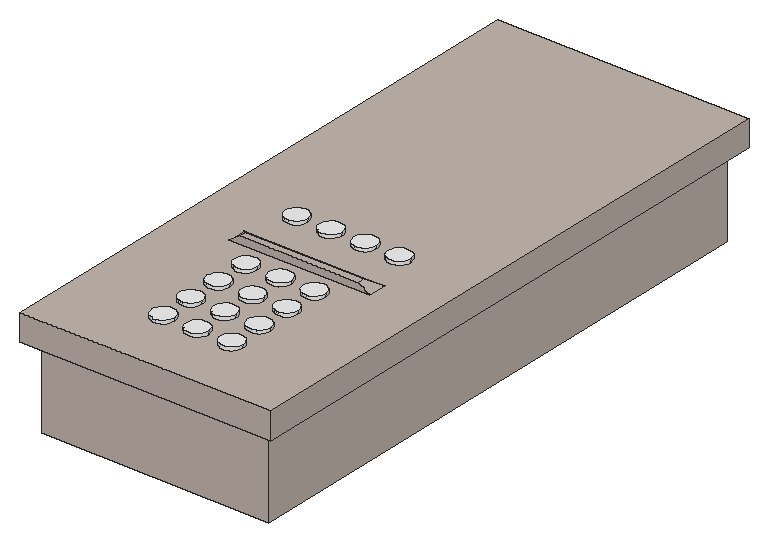
Revit family "AIPhone_GTA-DES", category Data Devices, host Face, Revit 2026
Family settings
  Host = Face
  Round Connector Dimension = Use Diameter
  Part Type = Normal
  Classification Number = 23.85.50.17
  Cut with Voids When Loaded = No
  Maintain Annotation Orientation = Yes
  Shared = No
  Room Calculation Point = No
Parameters
  Width = 5.31"
  Talk Button = Talk Button
  Specification = "https://www.arcat.com/sdspecs/htm04/28_13_53aic.htm"
  SpecWizard = ""
  Send Message = ""
  Screen = Screen
  Sales Information = ""
  Revision = "R1.0.0"
  Product Properties = ""
  Product Data = ""
  OmniClass Title = ""
  OmniClass Number = ""
  Model = "GTA-DES"
  MasterFormat04 Keynote = ""
  Manufacturer's Notes = ""
  Manufacturer Website = "www.aiphone.com"
  Manufacturer Phone - Toll Free = "800-692-0200"
  Manufacturer Phone = "425-455-0510"
  Manufacturer Fax = "425-455-0071"
  Manufacturer Email = "https://www.aiphone.com/home/sales/regional-sales"
  Manufacturer Address = "6670 185th Ave. NE, Redmond, WA 98052"
  Manufacturer = "AIPHONE"
  Installation-Fabrication = "https://www.arcat.com/cad/aiphone/282300_gta-des.pdf"
  Host Width = 24.00"
  Height = 12.63"
  Green Building-LEED = "https://www.arcat.com/green/clients/leed_data_30204.html?coid=30204"
  Drawn By = "Matt Wunch"
  Door Release Button = Door Release
  Description = "AUDIO ENTRANCE PANEL"
  Depth = 0.56"
  Default Elevation = 48.00"
  Copyright = "Arcat, Inc. ©2019"
  Construction Details = ""
  Buttons = Silver Trim
  Building Codes = ""
  Body Color = Body Color
Reference planes (in)
  plane 1 "Center (Front/Back)": y = 0
  plane 2: z = 0
  plane 3 "Center (Left/Right)": x = 0
  plane 4: x = -2.655
  plane 5: x = 2.655
  plane 6: y = -6.315
  plane 7: y = 6.315
  plane 8: z = 0.56
  plane 9: z = -1.75
  plane 10: x = -12
  plane 11: x = 12
  plane 12: y = 12
  plane 13: y = -12
Forms (in)
  Extrusion 1, solid, material "Body Color" <- "Body Color"
    sketch origin (0, 0, 0) x (1, 0, 0) y (0, 1, 0)
      loop
        line (-2.655, 6.315) -> (-2.655, -6.315) -> (2.655, -6.315) -> (2.655, 6.315) -> (-2.655, 6.315)
    from 0 to 0.56 <- "Depth"
  Extrusion 2, solid, material "Body Color" <- "Body Color"
    sketch origin (0, 0, 0) x (1, 0, 0) y (0, 1, 0)
      loop
        line (-2.405, 6.065) -> (-2.405, -6.065) -> (2.405, -6.065) -> (2.405, 6.065) -> (-2.405, 6.065)
    from -1.75 to 0
  Extrusion 3, solid, material "Silver Trim" <- "Buttons"
    sketch origin (0, 0, 0) x (1, 0, 0) y (0, 1, 0)
      loop
        circle (-1.08807, -0.96063) r 0.23529
      loop
        circle (-0.3627, -0.96063) r 0.23529
      loop
        circle (0.36254, -0.96063) r 0.23529
      loop
        circle (1.08791, -0.96063) r 0.23529
      loop
        circle (-0.7255, -2.75386) r 0.23529
      loop
        circle (-0.00002, -2.75386) r 0.23529
      loop
        circle (0.72535, -2.75386) r 0.23529
      loop
        circle (-0.7255, -3.48386) r 0.23529
      loop
        circle (-0.00002, -3.48386) r 0.23529
      loop
        circle (0.72535, -3.48386) r 0.23529
      loop
        circle (-0.7255, -4.21386) r 0.23529
      loop
        circle (-0.00002, -4.21386) r 0.23529
      loop
        circle (0.72535, -4.21386) r 0.23529
      loop
        circle (-0.7255, -4.94386) r 0.23529
      loop
        circle (-0.00002, -4.94386) r 0.23529
      loop
        circle (0.72535, -4.94386) r 0.23529
    from 0.56 to 0.62
  Blend 4, solid, material "Body Color" <- "Body Color"
    base sketch origin (0, 0, 0) x (1, 0, 0) y (0, 1, 0)
      loop
        line (-1.49017, -1.84848) -> (-1.49017, -2.2441) -> (1.49013, -2.2441) -> (1.49013, -1.84848) -> (-1.49017, -1.84848)
    top sketch origin (0, 0, 0) x (1, 0, 0) y (0, 1, 0)
      loop
        line (-1.25474, -2.10691) -> (-1.25474, -2.2441) -> (1.25448, -2.2441) -> (1.25448, -2.10691) -> (-1.25474, -2.10691)
    from 0.56 to 0.72
Lines and regions (in)
  Split face 1
    outline origin (0, 0, 0.56) x (1, 0, 0) y (0, 1, 0)
      loop
        line (-1.49017, 1.25552) -> (-1.49017, 0.11812) -> (1.49013, 0.11812) -> (1.49013, 1.25552) -> (-1.49017, 1.25552)
  Split face 2
    outline origin (0, 0, 0.56) x (1, 0, 0) y (0, 1, 0)
      loop
        line (-1.24455, 1.07213) -> (-1.24455, 0.37915) -> (1.21824, 0.37915) -> (1.21824, 1.07213) -> (-1.24455, 1.07213)
  model lines
    curve 1: line (-0.36282, -0.37194, 0.56) -> (-0.46076, -0.60762, 0.56)
    curve 2: line (-0.26489, -0.60762, 0.56) -> (-0.36282, -0.37194, 0.56)
    curve 3: line (-0.46076, -0.60762, 0.56) -> (-0.26489, -0.60762, 0.56)
    curve 4: line (0.26435, -0.37194, 0.56) -> (0.36254, -0.60762, 0.56)
    curve 5: line (0.46047, -0.37194, 0.56) -> (0.26435, -0.37194, 0.56)
    curve 6: line (0.36254, -0.60762, 0.56) -> (0.46047, -0.37194, 0.56)
    curve 7: line (0.99023, -0.55255, 0.56) -> (1.02159, -0.42439, 0.56)
    curve 8: line (0.99023, -0.55255, 0.56) -> (1.04888, -0.55255, 0.56)
    curve 9: line (1.12745, -0.55255, 0.56) -> (1.18613, -0.55255, 0.56)
    curve 10: line (1.18613, -0.55255, 0.56) -> (1.1545, -0.42439, 0.56)
    curve 11: arc (1.02159, -0.42439, 0.56) -> (1.08804, -0.37235, 0.56) -> (1.1545, -0.42439, 0.56) r 0.06845
    curve 12: arc (1.04888, -0.55255, 0.56) -> (1.08817, -0.59183, 0.56) -> (1.12745, -0.55255, 0.56) r 0.03928
    curve 13: line (-1.08793, -0.44808, 0.56) -> (-1.14366, -0.39249, 0.56)
    curve 14: line (-1.08793, -0.44808, 0.56) -> (-1.03311, -0.39235, 0.56)
    curve 15: line (-1.04663, -0.48944, 0.56) -> (-0.99127, -0.43419, 0.56)
    curve 16: line (-0.99128, -0.54517, 0.56) -> (-1.04663, -0.48944, 0.56)
    curve 17: line (-1.03309, -0.58698, 0.56) -> (-1.08793, -0.53113, 0.56)
    curve 18: line (-1.1438, -0.58697, 0.56) -> (-1.08793, -0.53113, 0.56)
    curve 19: line (-1.18549, -0.54528, 0.56) -> (-1.12979, -0.48944, 0.56)
    curve 20: line (-1.12979, -0.48944, 0.56) -> (-1.18538, -0.4342, 0.56)
    curve 21: arc (-1.18538, -0.4342, 0.56) -> (-1.18545, -0.39242, 0.56) -> (-1.14366, -0.39249, 0.56) r 0.0295
    curve 22: arc (-1.03311, -0.39235, 0.56) -> (-0.9911, -0.39218, 0.56) -> (-0.99127, -0.43419, 0.56) r 0.02959
    curve 23: arc (-0.99128, -0.54517, 0.56) -> (-0.99135, -0.58691, 0.56) -> (-1.03309, -0.58698, 0.56) r 0.02956
    curve 24: arc (-1.1438, -0.58697, 0.56) -> (-1.18548, -0.58696, 0.56) -> (-1.18549, -0.54528, 0.56) r 0.02948
    curve 25: line (-0.07819, 5.09906, 0.56) -> (0.08072, 5.09906, 0.56)
    curve 26: line (-0.07819, 4.94004, 0.56) -> (-0.07819, 5.09906, 0.56)
    curve 27: line (0.08072, 4.94004, 0.56) -> (-0.07819, 4.94004, 0.56)
    curve 28: line (0.08072, 5.09906, 0.56) -> (0.08072, 4.94004, 0.56)
    curve 29: line (-0.33819, 5.09906, 0.56) -> (-0.17928, 5.09906, 0.56)
    curve 30: line (-0.33819, 4.94004, 0.56) -> (-0.33819, 5.09906, 0.56)
    curve 31: line (-0.17928, 4.94004, 0.56) -> (-0.33819, 4.94004, 0.56)
    curve 32: line (-0.17928, 5.09906, 0.56) -> (-0.17928, 4.94004, 0.56)
    curve 33: line (-0.59819, 5.09906, 0.56) -> (-0.43928, 5.09906, 0.56)
    curve 34: line (-0.59819, 4.94004, 0.56) -> (-0.59819, 5.09906, 0.56)
    curve 35: line (-0.43928, 4.94004, 0.56) -> (-0.59819, 4.94004, 0.56)
    curve 36: line (-0.43928, 5.09906, 0.56) -> (-0.43928, 4.94004, 0.56)
    curve 37: line (-0.85819, 5.09906, 0.56) -> (-0.69928, 5.09906, 0.56)
    curve 38: line (-0.85819, 4.94004, 0.56) -> (-0.85819, 5.09906, 0.56)
    curve 39: line (-0.69928, 4.94004, 0.56) -> (-0.85819, 4.94004, 0.56)
    curve 40: line (-0.69928, 5.09906, 0.56) -> (-0.69928, 4.94004, 0.56)
    curve 41: line (0.18181, 5.09906, 0.56) -> (0.34072, 5.09906, 0.56)
    curve 42: line (0.18181, 4.94004, 0.56) -> (0.18181, 5.09906, 0.56)
    curve 43: line (0.34072, 4.94004, 0.56) -> (0.18181, 4.94004, 0.56)
    curve 44: line (0.34072, 5.09906, 0.56) -> (0.34072, 4.94004, 0.56)
    curve 45: line (0.44181, 5.09906, 0.56) -> (0.60072, 5.09906, 0.56)
    curve 46: line (0.44181, 4.94004, 0.56) -> (0.44181, 5.09906, 0.56)
    curve 47: line (0.60072, 4.94004, 0.56) -> (0.44181, 4.94004, 0.56)
    curve 48: line (0.60072, 5.09906, 0.56) -> (0.60072, 4.94004, 0.56)
    curve 49: line (0.70181, 5.09906, 0.56) -> (0.86072, 5.09906, 0.56)
    curve 50: line (0.70181, 4.94004, 0.56) -> (0.70181, 5.09906, 0.56)
    curve 51: line (0.86072, 4.94004, 0.56) -> (0.70181, 4.94004, 0.56)
    curve 52: line (0.86072, 5.09906, 0.56) -> (0.86072, 4.94004, 0.56)
    curve 53: line (-1.079, 5.09906, 0.56) -> (-0.96219, 5.09906, 0.56)
    curve 54: line (-1.079, 4.97766, 0.56) -> (-1.079, 5.09906, 0.56)
    curve 55: line (-0.96219, 4.97766, 0.56) -> (-1.079, 4.97766, 0.56)
    curve 56: line (-0.96219, 5.09906, 0.56) -> (-0.96219, 4.97766, 0.56)
    curve 57: line (-1.33609, 5.09906, 0.56) -> (-1.21931, 5.09906, 0.56)
    curve 58: line (-1.33609, 4.97766, 0.56) -> (-1.33609, 5.09906, 0.56)
    curve 59: line (-1.21931, 4.97766, 0.56) -> (-1.33609, 4.97766, 0.56)
    curve 60: line (-1.21931, 5.09906, 0.56) -> (-1.21931, 4.97766, 0.56)
    curve 61: line (0.96472, 5.09906, 0.56) -> (1.08639, 5.09906, 0.56)
    curve 62: line (0.96472, 4.97766, 0.56) -> (0.96472, 5.09906, 0.56)
    curve 63: line (1.08639, 4.97766, 0.56) -> (0.96472, 4.97766, 0.56)
    curve 64: line (1.08639, 5.09906, 0.56) -> (1.08639, 4.97766, 0.56)
    curve 65: line (1.22205, 5.09906, 0.56) -> (1.3389, 5.09906, 0.56)
    curve 66: line (1.22205, 4.97766, 0.56) -> (1.22205, 5.09906, 0.56)
    curve 67: line (1.3389, 4.97766, 0.56) -> (1.22205, 4.97766, 0.56)
    curve 68: line (1.3389, 5.09906, 0.56) -> (1.3389, 4.97766, 0.56)
    curve 69: line (-0.07819, 4.84194, 0.56) -> (0.08072, 4.84194, 0.56)
    curve 70: line (-0.07819, 4.68292, 0.56) -> (-0.07819, 4.84194, 0.56)
    curve 71: line (0.08072, 4.68292, 0.56) -> (-0.07819, 4.68292, 0.56)
    curve 72: line (0.08072, 4.84194, 0.56) -> (0.08072, 4.68292, 0.56)
    curve 73: line (-0.33819, 4.84194, 0.56) -> (-0.17928, 4.84194, 0.56)
    curve 74: line (-0.33819, 4.68292, 0.56) -> (-0.33819, 4.84194, 0.56)
    curve 75: line (-0.17928, 4.68292, 0.56) -> (-0.33819, 4.68292, 0.56)
    curve 76: line (-0.17928, 4.84194, 0.56) -> (-0.17928, 4.68292, 0.56)
    curve 77: line (-0.59819, 4.84194, 0.56) -> (-0.43928, 4.84194, 0.56)
    curve 78: line (-0.59819, 4.68292, 0.56) -> (-0.59819, 4.84194, 0.56)
    curve 79: line (-0.43928, 4.68292, 0.56) -> (-0.59819, 4.68292, 0.56)
    curve 80: line (-0.43928, 4.84194, 0.56) -> (-0.43928, 4.68292, 0.56)
    curve 81: line (-0.85819, 4.84194, 0.56) -> (-0.69928, 4.84194, 0.56)
    curve 82: line (-0.85819, 4.68292, 0.56) -> (-0.85819, 4.84194, 0.56)
    curve 83: line (-0.69928, 4.68292, 0.56) -> (-0.85819, 4.68292, 0.56)
    curve 84: line (-0.69928, 4.84194, 0.56) -> (-0.69928, 4.68292, 0.56)
    curve 85: line (0.18181, 4.84194, 0.56) -> (0.34072, 4.84194, 0.56)
    curve 86: line (0.18181, 4.68292, 0.56) -> (0.18181, 4.84194, 0.56)
    curve 87: line (0.34072, 4.68292, 0.56) -> (0.18181, 4.68292, 0.56)
    curve 88: line (0.34072, 4.84194, 0.56) -> (0.34072, 4.68292, 0.56)
    curve 89: line (0.44181, 4.84194, 0.56) -> (0.60072, 4.84194, 0.56)
    curve 90: line (0.44181, 4.68292, 0.56) -> (0.44181, 4.84194, 0.56)
    curve 91: line (0.60072, 4.68292, 0.56) -> (0.44181, 4.68292, 0.56)
    curve 92: line (0.60072, 4.84194, 0.56) -> (0.60072, 4.68292, 0.56)
    curve 93: line (0.70181, 4.84194, 0.56) -> (0.86072, 4.84194, 0.56)
    curve 94: line (0.70181, 4.68292, 0.56) -> (0.70181, 4.84194, 0.56)
    curve 95: line (0.86072, 4.68292, 0.56) -> (0.70181, 4.68292, 0.56)
    curve 96: line (0.86072, 4.84194, 0.56) -> (0.86072, 4.68292, 0.56)
    curve 97: line (-1.079, 4.84194, 0.56) -> (-0.96219, 4.84194, 0.56)
    curve 98: line (-1.079, 4.72053, 0.56) -> (-1.079, 4.84194, 0.56)
    curve 99: line (-0.96219, 4.72053, 0.56) -> (-1.079, 4.72053, 0.56)
    curve 100: line (-0.96219, 4.84194, 0.56) -> (-0.96219, 4.72053, 0.56)
    curve 101: line (-1.33609, 4.84194, 0.56) -> (-1.21931, 4.84194, 0.56)
    curve 102: line (-1.33609, 4.72053, 0.56) -> (-1.33609, 4.84194, 0.56)
    curve 103: line (-1.21931, 4.72053, 0.56) -> (-1.33609, 4.72053, 0.56)
    curve 104: line (-1.21931, 4.84194, 0.56) -> (-1.21931, 4.72053, 0.56)
    curve 105: line (0.96472, 4.84194, 0.56) -> (1.08639, 4.84194, 0.56)
    curve 106: line (0.96472, 4.72053, 0.56) -> (0.96472, 4.84194, 0.56)
    curve 107: line (1.08639, 4.72053, 0.56) -> (0.96472, 4.72053, 0.56)
    curve 108: line (1.08639, 4.84194, 0.56) -> (1.08639, 4.72053, 0.56)
    curve 109: line (1.22205, 4.84194, 0.56) -> (1.3389, 4.84194, 0.56)
    curve 110: line (1.22205, 4.72053, 0.56) -> (1.22205, 4.84194, 0.56)
    curve 111: line (1.3389, 4.72053, 0.56) -> (1.22205, 4.72053, 0.56)
    curve 112: line (1.3389, 4.84194, 0.56) -> (1.3389, 4.72053, 0.56)
    curve 113: line (-0.07819, 4.58194, 0.56) -> (0.08072, 4.58194, 0.56)
    curve 114: line (-0.07819, 4.42292, 0.56) -> (-0.07819, 4.58194, 0.56)
    curve 115: line (0.08072, 4.42292, 0.56) -> (-0.07819, 4.42292, 0.56)
    curve 116: line (0.08072, 4.58194, 0.56) -> (0.08072, 4.42292, 0.56)
    curve 117: line (-0.33819, 4.58194, 0.56) -> (-0.17928, 4.58194, 0.56)
    curve 118: line (-0.33819, 4.42292, 0.56) -> (-0.33819, 4.58194, 0.56)
    curve 119: line (-0.17928, 4.42292, 0.56) -> (-0.33819, 4.42292, 0.56)
    curve 120: line (-0.17928, 4.58194, 0.56) -> (-0.17928, 4.42292, 0.56)
    curve 121: line (-0.59819, 4.58194, 0.56) -> (-0.43928, 4.58194, 0.56)
    curve 122: line (-0.59819, 4.42292, 0.56) -> (-0.59819, 4.58194, 0.56)
    curve 123: line (-0.43928, 4.42292, 0.56) -> (-0.59819, 4.42292, 0.56)
    curve 124: line (-0.43928, 4.58194, 0.56) -> (-0.43928, 4.42292, 0.56)
    curve 125: line (-0.85819, 4.58194, 0.56) -> (-0.69928, 4.58194, 0.56)
    curve 126: line (-0.85819, 4.42292, 0.56) -> (-0.85819, 4.58194, 0.56)
    curve 127: line (-0.69928, 4.42292, 0.56) -> (-0.85819, 4.42292, 0.56)
    curve 128: line (-0.69928, 4.58194, 0.56) -> (-0.69928, 4.42292, 0.56)
    curve 129: line (0.18181, 4.58194, 0.56) -> (0.34072, 4.58194, 0.56)
    curve 130: line (0.18181, 4.42292, 0.56) -> (0.18181, 4.58194, 0.56)
    curve 131: line (0.34072, 4.42292, 0.56) -> (0.18181, 4.42292, 0.56)
    curve 132: line (0.34072, 4.58194, 0.56) -> (0.34072, 4.42292, 0.56)
    curve 133: line (0.44181, 4.58194, 0.56) -> (0.60072, 4.58194, 0.56)
    curve 134: line (0.44181, 4.42292, 0.56) -> (0.44181, 4.58194, 0.56)
    curve 135: line (0.60072, 4.42292, 0.56) -> (0.44181, 4.42292, 0.56)
    curve 136: line (0.60072, 4.58194, 0.56) -> (0.60072, 4.42292, 0.56)
    curve 137: line (0.70181, 4.58194, 0.56) -> (0.86072, 4.58194, 0.56)
    curve 138: line (0.70181, 4.42292, 0.56) -> (0.70181, 4.58194, 0.56)
    curve 139: line (0.86072, 4.42292, 0.56) -> (0.70181, 4.42292, 0.56)
    curve 140: line (0.86072, 4.58194, 0.56) -> (0.86072, 4.42292, 0.56)
    curve 141: line (-1.079, 4.58194, 0.56) -> (-0.96219, 4.58194, 0.56)
    curve 142: line (-1.079, 4.46053, 0.56) -> (-1.079, 4.58194, 0.56)
    curve 143: line (-0.96219, 4.46053, 0.56) -> (-1.079, 4.46053, 0.56)
    curve 144: line (-0.96219, 4.58194, 0.56) -> (-0.96219, 4.46053, 0.56)
    curve 145: line (-1.33609, 4.58194, 0.56) -> (-1.21931, 4.58194, 0.56)
    curve 146: line (-1.33609, 4.46053, 0.56) -> (-1.33609, 4.58194, 0.56)
    curve 147: line (-1.21931, 4.46053, 0.56) -> (-1.33609, 4.46053, 0.56)
    curve 148: line (-1.21931, 4.58194, 0.56) -> (-1.21931, 4.46053, 0.56)
    curve 149: line (0.96472, 4.58194, 0.56) -> (1.08639, 4.58194, 0.56)
    curve 150: line (0.96472, 4.46053, 0.56) -> (0.96472, 4.58194, 0.56)
    curve 151: line (1.08639, 4.46053, 0.56) -> (0.96472, 4.46053, 0.56)
    curve 152: line (1.08639, 4.58194, 0.56) -> (1.08639, 4.46053, 0.56)
    curve 153: line (1.22205, 4.58194, 0.56) -> (1.3389, 4.58194, 0.56)
    curve 154: line (1.22205, 4.46053, 0.56) -> (1.22205, 4.58194, 0.56)
    curve 155: line (1.3389, 4.46053, 0.56) -> (1.22205, 4.46053, 0.56)
    curve 156: line (1.3389, 4.58194, 0.56) -> (1.3389, 4.46053, 0.56)
    curve 157: line (-0.07819, 4.32194, 0.56) -> (0.08072, 4.32194, 0.56)
    curve 158: line (-0.07819, 4.16292, 0.56) -> (-0.07819, 4.32194, 0.56)
    curve 159: line (0.08072, 4.16292, 0.56) -> (-0.07819, 4.16292, 0.56)
    curve 160: line (0.08072, 4.32194, 0.56) -> (0.08072, 4.16292, 0.56)
    curve 161: line (-0.33819, 4.32194, 0.56) -> (-0.17928, 4.32194, 0.56)
    curve 162: line (-0.33819, 4.16292, 0.56) -> (-0.33819, 4.32194, 0.56)
    curve 163: line (-0.17928, 4.16292, 0.56) -> (-0.33819, 4.16292, 0.56)
    curve 164: line (-0.17928, 4.32194, 0.56) -> (-0.17928, 4.16292, 0.56)
    curve 165: line (-0.59819, 4.32194, 0.56) -> (-0.43928, 4.32194, 0.56)
    curve 166: line (-0.59819, 4.16292, 0.56) -> (-0.59819, 4.32194, 0.56)
    curve 167: line (-0.43928, 4.16292, 0.56) -> (-0.59819, 4.16292, 0.56)
    curve 168: line (-0.43928, 4.32194, 0.56) -> (-0.43928, 4.16292, 0.56)
    curve 169: line (-0.85819, 4.32194, 0.56) -> (-0.69928, 4.32194, 0.56)
    curve 170: line (-0.85819, 4.16292, 0.56) -> (-0.85819, 4.32194, 0.56)
    curve 171: line (-0.69928, 4.16292, 0.56) -> (-0.85819, 4.16292, 0.56)
    curve 172: line (-0.69928, 4.32194, 0.56) -> (-0.69928, 4.16292, 0.56)
    curve 173: line (0.18181, 4.32194, 0.56) -> (0.34072, 4.32194, 0.56)
    curve 174: line (0.18181, 4.16292, 0.56) -> (0.18181, 4.32194, 0.56)
    curve 175: line (0.34072, 4.16292, 0.56) -> (0.18181, 4.16292, 0.56)
    curve 176: line (0.34072, 4.32194, 0.56) -> (0.34072, 4.16292, 0.56)
    curve 177: line (0.44181, 4.32194, 0.56) -> (0.60072, 4.32194, 0.56)
    curve 178: line (0.44181, 4.16292, 0.56) -> (0.44181, 4.32194, 0.56)
    curve 179: line (0.60072, 4.16292, 0.56) -> (0.44181, 4.16292, 0.56)
    curve 180: line (0.60072, 4.32194, 0.56) -> (0.60072, 4.16292, 0.56)
    curve 181: line (0.70181, 4.32194, 0.56) -> (0.86072, 4.32194, 0.56)
    curve 182: line (0.70181, 4.16292, 0.56) -> (0.70181, 4.32194, 0.56)
    curve 183: line (0.86072, 4.16292, 0.56) -> (0.70181, 4.16292, 0.56)
    curve 184: line (0.86072, 4.32194, 0.56) -> (0.86072, 4.16292, 0.56)
    curve 185: line (-1.079, 4.32194, 0.56) -> (-0.96219, 4.32194, 0.56)
    curve 186: line (-1.079, 4.20053, 0.56) -> (-1.079, 4.32194, 0.56)
    curve 187: line (-0.96219, 4.20053, 0.56) -> (-1.079, 4.20053, 0.56)
    curve 188: line (-0.96219, 4.32194, 0.56) -> (-0.96219, 4.20053, 0.56)
    curve 189: line (-1.33609, 4.32194, 0.56) -> (-1.21931, 4.32194, 0.56)
    curve 190: line (-1.33609, 4.20053, 0.56) -> (-1.33609, 4.32194, 0.56)
    curve 191: line (-1.21931, 4.20053, 0.56) -> (-1.33609, 4.20053, 0.56)
    curve 192: line (-1.21931, 4.32194, 0.56) -> (-1.21931, 4.20053, 0.56)
    curve 193: line (0.96472, 4.32194, 0.56) -> (1.08639, 4.32194, 0.56)
    curve 194: line (0.96472, 4.20053, 0.56) -> (0.96472, 4.32194, 0.56)
    curve 195: line (1.08639, 4.20053, 0.56) -> (0.96472, 4.20053, 0.56)
    curve 196: line (1.08639, 4.32194, 0.56) -> (1.08639, 4.20053, 0.56)
    curve 197: line (1.22205, 4.32194, 0.56) -> (1.3389, 4.32194, 0.56)
    curve 198: line (1.22205, 4.20053, 0.56) -> (1.22205, 4.32194, 0.56)
    curve 199: line (1.3389, 4.20053, 0.56) -> (1.22205, 4.20053, 0.56)
    curve 200: line (1.3389, 4.32194, 0.56) -> (1.3389, 4.20053, 0.56)
    curve 201: line (-0.07819, 4.06194, 0.56) -> (0.08072, 4.06194, 0.56)
    curve 202: line (-0.07819, 3.90292, 0.56) -> (-0.07819, 4.06194, 0.56)
    curve 203: line (0.08072, 3.90292, 0.56) -> (-0.07819, 3.90292, 0.56)
    curve 204: line (0.08072, 4.06194, 0.56) -> (0.08072, 3.90292, 0.56)
    curve 205: line (-0.33819, 4.06194, 0.56) -> (-0.17928, 4.06194, 0.56)
    curve 206: line (-0.33819, 3.90292, 0.56) -> (-0.33819, 4.06194, 0.56)
    curve 207: line (-0.17928, 3.90292, 0.56) -> (-0.33819, 3.90292, 0.56)
    curve 208: line (-0.17928, 4.06194, 0.56) -> (-0.17928, 3.90292, 0.56)
    curve 209: line (-0.59819, 4.06194, 0.56) -> (-0.43928, 4.06194, 0.56)
    curve 210: line (-0.59819, 3.90292, 0.56) -> (-0.59819, 4.06194, 0.56)
    curve 211: line (-0.43928, 3.90292, 0.56) -> (-0.59819, 3.90292, 0.56)
    curve 212: line (-0.43928, 4.06194, 0.56) -> (-0.43928, 3.90292, 0.56)
    curve 213: line (-0.85819, 4.06194, 0.56) -> (-0.69928, 4.06194, 0.56)
    curve 214: line (-0.85819, 3.90292, 0.56) -> (-0.85819, 4.06194, 0.56)
    curve 215: line (-0.69928, 3.90292, 0.56) -> (-0.85819, 3.90292, 0.56)
    curve 216: line (-0.69928, 4.06194, 0.56) -> (-0.69928, 3.90292, 0.56)
    curve 217: line (0.18181, 4.06194, 0.56) -> (0.34072, 4.06194, 0.56)
    curve 218: line (0.18181, 3.90292, 0.56) -> (0.18181, 4.06194, 0.56)
    curve 219: line (0.34072, 3.90292, 0.56) -> (0.18181, 3.90292, 0.56)
    curve 220: line (0.34072, 4.06194, 0.56) -> (0.34072, 3.90292, 0.56)
    curve 221: line (0.44181, 4.06194, 0.56) -> (0.60072, 4.06194, 0.56)
    curve 222: line (0.44181, 3.90292, 0.56) -> (0.44181, 4.06194, 0.56)
    curve 223: line (0.60072, 3.90292, 0.56) -> (0.44181, 3.90292, 0.56)
    curve 224: line (0.60072, 4.06194, 0.56) -> (0.60072, 3.90292, 0.56)
    curve 225: line (0.70181, 4.06194, 0.56) -> (0.86072, 4.06194, 0.56)
    curve 226: line (0.70181, 3.90292, 0.56) -> (0.70181, 4.06194, 0.56)
    curve 227: line (0.86072, 3.90292, 0.56) -> (0.70181, 3.90292, 0.56)
    curve 228: line (0.86072, 4.06194, 0.56) -> (0.86072, 3.90292, 0.56)
    curve 229: line (-1.079, 4.06194, 0.56) -> (-0.96219, 4.06194, 0.56)
    curve 230: line (-1.079, 3.94053, 0.56) -> (-1.079, 4.06194, 0.56)
    curve 231: line (-0.96219, 3.94053, 0.56) -> (-1.079, 3.94053, 0.56)
    curve 232: line (-0.96219, 4.06194, 0.56) -> (-0.96219, 3.94053, 0.56)
    curve 233: line (-1.33609, 4.06194, 0.56) -> (-1.21931, 4.06194, 0.56)
    curve 234: line (-1.33609, 3.94053, 0.56) -> (-1.33609, 4.06194, 0.56)
    curve 235: line (-1.21931, 3.94053, 0.56) -> (-1.33609, 3.94053, 0.56)
    curve 236: line (-1.21931, 4.06194, 0.56) -> (-1.21931, 3.94053, 0.56)
    curve 237: line (0.96472, 4.06194, 0.56) -> (1.08639, 4.06194, 0.56)
    curve 238: line (0.96472, 3.94053, 0.56) -> (0.96472, 4.06194, 0.56)
    curve 239: line (1.08639, 3.94053, 0.56) -> (0.96472, 3.94053, 0.56)
    curve 240: line (1.08639, 4.06194, 0.56) -> (1.08639, 3.94053, 0.56)
    curve 241: line (1.22205, 4.06194, 0.56) -> (1.3389, 4.06194, 0.56)
    curve 242: line (1.22205, 3.94053, 0.56) -> (1.22205, 4.06194, 0.56)
    curve 243: line (1.3389, 3.94053, 0.56) -> (1.22205, 3.94053, 0.56)
    curve 244: line (1.3389, 4.06194, 0.56) -> (1.3389, 3.94053, 0.56)
    curve 245: line (-0.07819, 3.80194, 0.56) -> (0.08072, 3.80194, 0.56)
    curve 246: line (-0.07819, 3.64292, 0.56) -> (-0.07819, 3.80194, 0.56)
    curve 247: line (0.08072, 3.64292, 0.56) -> (-0.07819, 3.64292, 0.56)
    curve 248: line (0.08072, 3.80194, 0.56) -> (0.08072, 3.64292, 0.56)
    curve 249: line (-0.33819, 3.80194, 0.56) -> (-0.17928, 3.80194, 0.56)
    curve 250: line (-0.33819, 3.64292, 0.56) -> (-0.33819, 3.80194, 0.56)
    curve 251: line (-0.17928, 3.64292, 0.56) -> (-0.33819, 3.64292, 0.56)
    curve 252: line (-0.17928, 3.80194, 0.56) -> (-0.17928, 3.64292, 0.56)
    curve 253: line (-0.59819, 3.80194, 0.56) -> (-0.43928, 3.80194, 0.56)
    curve 254: line (-0.59819, 3.64292, 0.56) -> (-0.59819, 3.80194, 0.56)
    curve 255: line (-0.43928, 3.64292, 0.56) -> (-0.59819, 3.64292, 0.56)
    curve 256: line (-0.43928, 3.80194, 0.56) -> (-0.43928, 3.64292, 0.56)
    curve 257: line (-0.85819, 3.80194, 0.56) -> (-0.69928, 3.80194, 0.56)
    curve 258: line (-0.85819, 3.64292, 0.56) -> (-0.85819, 3.80194, 0.56)
    curve 259: line (-0.69928, 3.64292, 0.56) -> (-0.85819, 3.64292, 0.56)
    curve 260: line (-0.69928, 3.80194, 0.56) -> (-0.69928, 3.64292, 0.56)
    curve 261: line (0.18181, 3.80194, 0.56) -> (0.34072, 3.80194, 0.56)
    curve 262: line (0.18181, 3.64292, 0.56) -> (0.18181, 3.80194, 0.56)
    curve 263: line (0.34072, 3.64292, 0.56) -> (0.18181, 3.64292, 0.56)
    curve 264: line (0.34072, 3.80194, 0.56) -> (0.34072, 3.64292, 0.56)
    curve 265: line (0.44181, 3.80194, 0.56) -> (0.60072, 3.80194, 0.56)
    curve 266: line (0.44181, 3.64292, 0.56) -> (0.44181, 3.80194, 0.56)
    curve 267: line (0.60072, 3.64292, 0.56) -> (0.44181, 3.64292, 0.56)
    curve 268: line (0.60072, 3.80194, 0.56) -> (0.60072, 3.64292, 0.56)
    curve 269: line (0.70181, 3.80194, 0.56) -> (0.86072, 3.80194, 0.56)
    curve 270: line (0.70181, 3.64292, 0.56) -> (0.70181, 3.80194, 0.56)
    curve 271: line (0.86072, 3.64292, 0.56) -> (0.70181, 3.64292, 0.56)
    curve 272: line (0.86072, 3.80194, 0.56) -> (0.86072, 3.64292, 0.56)
    curve 273: line (-1.079, 3.80194, 0.56) -> (-0.96219, 3.80194, 0.56)
    curve 274: line (-1.079, 3.68053, 0.56) -> (-1.079, 3.80194, 0.56)
    curve 275: line (-0.96219, 3.68053, 0.56) -> (-1.079, 3.68053, 0.56)
    curve 276: line (-0.96219, 3.80194, 0.56) -> (-0.96219, 3.68053, 0.56)
    curve 277: line (-1.33609, 3.80194, 0.56) -> (-1.21931, 3.80194, 0.56)
    curve 278: line (-1.33609, 3.68053, 0.56) -> (-1.33609, 3.80194, 0.56)
    curve 279: line (-1.21931, 3.68053, 0.56) -> (-1.33609, 3.68053, 0.56)
    curve 280: line (-1.21931, 3.80194, 0.56) -> (-1.21931, 3.68053, 0.56)
    curve 281: line (0.96472, 3.80194, 0.56) -> (1.08639, 3.80194, 0.56)
    curve 282: line (0.96472, 3.68053, 0.56) -> (0.96472, 3.80194, 0.56)
    curve 283: line (1.08639, 3.68053, 0.56) -> (0.96472, 3.68053, 0.56)
    curve 284: line (1.08639, 3.80194, 0.56) -> (1.08639, 3.68053, 0.56)
    curve 285: line (1.22205, 3.80194, 0.56) -> (1.3389, 3.80194, 0.56)
    curve 286: line (1.22205, 3.68053, 0.56) -> (1.22205, 3.80194, 0.56)
    curve 287: line (1.3389, 3.68053, 0.56) -> (1.22205, 3.68053, 0.56)
    curve 288: line (1.3389, 3.80194, 0.56) -> (1.3389, 3.68053, 0.56)
    curve 289: line (-0.07819, 3.56057, 0.56) -> (0.08072, 3.56057, 0.56)
    curve 290: line (-0.07819, 3.40155, 0.56) -> (-0.07819, 3.56057, 0.56)
    curve 291: line (0.08072, 3.40155, 0.56) -> (-0.07819, 3.40155, 0.56)
    curve 292: line (0.08072, 3.56057, 0.56) -> (0.08072, 3.40155, 0.56)
    curve 293: line (-0.33819, 3.56057, 0.56) -> (-0.17928, 3.56057, 0.56)
    curve 294: line (-0.33819, 3.40155, 0.56) -> (-0.33819, 3.56057, 0.56)
    curve 295: line (-0.17928, 3.40155, 0.56) -> (-0.33819, 3.40155, 0.56)
    curve 296: line (-0.17928, 3.56057, 0.56) -> (-0.17928, 3.40155, 0.56)
    curve 297: line (-0.59819, 3.56057, 0.56) -> (-0.43928, 3.56057, 0.56)
    curve 298: line (-0.59819, 3.40155, 0.56) -> (-0.59819, 3.56057, 0.56)
    curve 299: line (-0.43928, 3.40155, 0.56) -> (-0.59819, 3.40155, 0.56)
    curve 300: line (-0.43928, 3.56057, 0.56) -> (-0.43928, 3.40155, 0.56)
    curve 301: line (-0.85819, 3.56057, 0.56) -> (-0.69928, 3.56057, 0.56)
    curve 302: line (-0.85819, 3.40155, 0.56) -> (-0.85819, 3.56057, 0.56)
    curve 303: line (-0.69928, 3.40155, 0.56) -> (-0.85819, 3.40155, 0.56)
    curve 304: line (-0.69928, 3.56057, 0.56) -> (-0.69928, 3.40155, 0.56)
    curve 305: line (0.18181, 3.56057, 0.56) -> (0.34072, 3.56057, 0.56)
    curve 306: line (0.18181, 3.40155, 0.56) -> (0.18181, 3.56057, 0.56)
    curve 307: line (0.34072, 3.40155, 0.56) -> (0.18181, 3.40155, 0.56)
    curve 308: line (0.34072, 3.56057, 0.56) -> (0.34072, 3.40155, 0.56)
    curve 309: line (0.44181, 3.56057, 0.56) -> (0.60072, 3.56057, 0.56)
    curve 310: line (0.44181, 3.40155, 0.56) -> (0.44181, 3.56057, 0.56)
    curve 311: line (0.60072, 3.40155, 0.56) -> (0.44181, 3.40155, 0.56)
    curve 312: line (0.60072, 3.56057, 0.56) -> (0.60072, 3.40155, 0.56)
    curve 313: line (0.70181, 3.56057, 0.56) -> (0.86072, 3.56057, 0.56)
    curve 314: line (0.70181, 3.40155, 0.56) -> (0.70181, 3.56057, 0.56)
    curve 315: line (0.86072, 3.40155, 0.56) -> (0.70181, 3.40155, 0.56)
    curve 316: line (0.86072, 3.56057, 0.56) -> (0.86072, 3.40155, 0.56)
    curve 317: line (-1.079, 3.56057, 0.56) -> (-0.96219, 3.56057, 0.56)
    curve 318: line (-1.079, 3.43916, 0.56) -> (-1.079, 3.56057, 0.56)
    curve 319: line (-0.96219, 3.43916, 0.56) -> (-1.079, 3.43916, 0.56)
    curve 320: line (-0.96219, 3.56057, 0.56) -> (-0.96219, 3.43916, 0.56)
    curve 321: line (-1.33609, 3.56057, 0.56) -> (-1.21931, 3.56057, 0.56)
    curve 322: line (-1.33609, 3.43916, 0.56) -> (-1.33609, 3.56057, 0.56)
    curve 323: line (-1.21931, 3.43916, 0.56) -> (-1.33609, 3.43916, 0.56)
    curve 324: line (-1.21931, 3.56057, 0.56) -> (-1.21931, 3.43916, 0.56)
    curve 325: line (0.96472, 3.56057, 0.56) -> (1.08639, 3.56057, 0.56)
    curve 326: line (0.96472, 3.43916, 0.56) -> (0.96472, 3.56057, 0.56)
    curve 327: line (1.08639, 3.43916, 0.56) -> (0.96472, 3.43916, 0.56)
    curve 328: line (1.08639, 3.56057, 0.56) -> (1.08639, 3.43916, 0.56)
    curve 329: line (1.22205, 3.56057, 0.56) -> (1.3389, 3.56057, 0.56)
    curve 330: line (1.22205, 3.43916, 0.56) -> (1.22205, 3.56057, 0.56)
    curve 331: line (1.3389, 3.43916, 0.56) -> (1.22205, 3.43916, 0.56)
    curve 332: line (1.3389, 3.56057, 0.56) -> (1.3389, 3.43916, 0.56)
    curve 333: circle (1.18415, 3.1136, 0) r 0.09777 normal (0, 0, 1)
    curve 334: line (1.02542, 2.54085, 0) -> (1.14248, 2.54085, 0)
    curve 335: line (1.02542, 2.42404, 0) -> (1.02542, 2.54085, 0)
    curve 336: line (1.14248, 2.42404, 0) -> (1.02542, 2.42404, 0)
    curve 337: line (1.14248, 2.54085, 0) -> (1.14248, 2.42404, 0)
    curve 338: line (1.22205, 2.54085, 0) -> (1.3389, 2.54085, 0)
    curve 339: line (1.22205, 2.42404, 0) -> (1.22205, 2.54085, 0)
    curve 340: line (1.3389, 2.42404, 0) -> (1.22205, 2.42404, 0)
    curve 341: line (1.3389, 2.54085, 0) -> (1.3389, 2.42404, 0)
Dimensions and locks (in)
  equal spacing: plane 4, plane 3 "Center (Left/Right)", plane 5
  equal spacing: plane 7, plane 1 "Center (Front/Back)", plane 6
  "Height": plane 7 to plane 6
  "Width": plane 4 to plane 5
  "Depth": plane 8 to host face
  equal spacing: plane 10, plane 3 "Center (Left/Right)", plane 11
  equal spacing: plane 12, plane 1 "Center (Front/Back)", plane 13
  "Host Width": plane 12 to plane 13
  "Host Width": plane 10 to plane 11
  host face to plane 9 = 1.75"
  aligned and locked: plane 2 to host face
  aligned and locked: level to host face
Automatic sketch dimensions
  host sketch curve to host sketch curve = 2.70841"
  host sketch curve to host sketch curve = 8.20922"
  Extrusion 1 sketch curve to plane 4 = 0.00"
  Extrusion 1 sketch curve to plane 5 = 0.00"
  Extrusion 1 sketch curve to plane 6 = 0.00"
  Extrusion 1 sketch curve to plane 7 = 0.00"
  plane 4 to Extrusion 2 sketch curve = 0.25"
  Extrusion 2 sketch curve to plane 5 = 0.25"
  plane 6 to Extrusion 2 sketch curve = 0.25"
  Extrusion 2 sketch curve to plane 7 = 0.25"
  curve 24 to Extrusion 1 = 1.49036"
  curve 24 to curve 21 = 0.00005"
  curve 24 to curve 23 = 0.15238"
  curve 21 to curve 22 = 0.15257"
  curve 11 to Extrusion 1 = 1.56696"
  curve 11 to curve 12 = 0.00012"
  curve 24 to Extrusion 1 = 5.74888"
  curve 24 to curve 23 = 0.00011"
  curve 23 to curve 12 = 0.01346"
  curve 12 to curve 11 = 0.11175"
  curve 24 to curve 21 = 0.15284"
  curve 21 to curve 22 = 0.00018"
  curve 21 to curve 21 = 0.02079"
  curve 24 to curve 24 = 0.02085"  (x2)
  curve 24 to curve 24 = 0.02084"
  curve 21 to curve 21 = 0.02092"  (x2)
  curve 21 to curve 20 = 0.05559"
  curve 19 to curve 18 = 0.04185"
  curve 20 to curve 13 = 0.04185"
  curve 13 to curve 15 = 0.04131"
  curve 14 to curve 22 = 0.02109"
  curve 23 to curve 23 = 0.02083"
  curve 23 to curve 16 = 0.02098"
  curve 22 to curve 15 = 0.02075"
  curve 23 to curve 1 = 0.53052"
  curve 1 to curve 2 = 0.09794"
  curve 1 to curve 2 = 0.19587"
  curve 2 to curve 4 = 0.52924"
  curve 4 to curve 6 = 0.09818"
  curve 4 to curve 5 = 0.19612"
  curve 7 to curve 12 = 0.09794"
  curve 11 to curve 11 = 0.06645"
  curve 12 to curve 12 = 0.03928"
  curve 9 to curve 10 = 0.05868"
  curve 17 to curve 23 = 0.02098"
  curve 6 to curve 12 = 0.05507"
  curve 3 to curve 6 = 0.00"
  curve 17 to curve 18 = 0.05585"
  curve 18 to curve 20 = 0.04169"
  curve 18 to curve 16 = 0.04169"
  curve 15 to curve 13 = 0.04136"
  curve 15 to curve 22 = 0.02109"
  curve 11 to curve 10 = 0.0164"
  curve 11 to curve 11 = 0.0164"
  curve 6 to curve 5 = 0.23568"
  curve 2 to curve 2 = 0.23568"
  curve 191 to Extrusion 1 = 1.43569"
  curve 60 to curve 191 = 0.00"
  curve 236 to curve 191 = 0.00"
  curve 104 to curve 59 = 0.00"
  curve 324 to curve 236 = 0.00"
  curve 147 to curve 192 = 0.00"
  curve 280 to curve 324 = 0.00"
  curve 146 to curve 145 = 0.11679"
  curve 59 to curve 59 = 0.11679"
  curve 190 to curve 191 = 0.11679"
  curve 103 to curve 103 = 0.11679"
  curve 233 to curve 233 = 0.11679"
  curve 278 to curve 279 = 0.11679"
  curve 322 to curve 323 = 0.11679"
  curve 147 to curve 142 = 0.14031"
  curve 187 to curve 230 = 0.00"
  curve 59 to curve 55 = 0.14031"
  curve 97 to curve 54 = 0.00"
  curve 275 to curve 317 = 0.00"
  curve 186 to curve 188 = 0.11681"
  curve 318 to curve 320 = 0.11681"
  curve 53 to curve 56 = 0.11681"
  curve 142 to curve 144 = 0.11681"
  curve 273 to curve 273 = 0.11681"
  curve 229 to curve 229 = 0.11681"
  curve 275 to curve 258 = 0.104"
  curve 319 to curve 302 = 0.104"
  curve 185 to curve 170 = 0.104"
  curve 215 to curve 258 = 0.00"
  curve 99 to curve 83 = 0.104"
  curve 214 to curve 170 = 0.00"
  curve 127 to curve 170 = 0.00"
  curve 53 to curve 37 = 0.104"
  curve 38 to curve 82 = 0.00"
  curve 126 to curve 82 = 0.00"
  curve 125 to curve 83 = 0.00"
  curve 257 to curve 215 = 0.00"
  curve 40 to curve 81 = 0.00"
  curve 128 to curve 169 = 0.00"
  curve 301 to curve 259 = 0.00"
  curve 302 to curve 303 = 0.15891"
  curve 172 to curve 213 = 0.00"
  curve 213 to curve 209 = 0.10109"
  curve 79 to curve 121 = 0.00"
  curve 253 to curve 210 = 0.00"
  curve 34 to curve 77 = 0.00"
  curve 254 to curve 297 = 0.00"
  curve 167 to curve 209 = 0.00"
  curve 166 to curve 122 = 0.00"
  curve 253 to curve 256 = 0.15891"
  curve 212 to curve 253 = 0.00"
  curve 297 to curve 256 = 0.00"
  curve 77 to curve 35 = 0.00"
  curve 124 to curve 168 = 0.00"
  curve 209 to curve 205 = 0.10109"
  curve 123 to curve 119 = 0.10109"
  curve 118 to curve 74 = 0.00"
  curve 249 to curve 207 = 0.00"
  curve 33 to curve 29 = 0.10109"
  curve 161 to curve 118 = 0.00"
  curve 162 to curve 205 = 0.00"
  curve 294 to curve 250 = 0.00"
  curve 31 to curve 73 = 0.00"
  curve 117 to curve 117 = 0.15891"
  curve 252 to curve 293 = 0.00"
  curve 207 to curve 252 = 0.00"
  curve 205 to curve 164 = 0.00"
  curve 76 to curve 117 = 0.00"
  curve 119 to curve 161 = 0.00"
  curve 163 to curve 158 = 0.10109"
  curve 113 to curve 70 = 0.00"
  curve 114 to curve 157 = 0.00"
  curve 289 to curve 246 = 0.00"
  curve 27 to curve 69 = 0.00"
  curve 29 to curve 26 = 0.10109"
  curve 203 to curve 245 = 0.00"
  curve 202 to curve 158 = 0.00"
  curve 26 to curve 28 = 0.15891"
  curve 160 to curve 201 = 0.00"
  curve 72 to curve 116 = 0.00"
  curve 248 to curve 292 = 0.00"
  curve 115 to curve 130 = 0.10109"
  curve 289 to curve 305 = 0.10109"
  curve 203 to curve 219 = 0.10109"
  curve 261 to curve 218 = 0.00"
  curve 175 to curve 217 = 0.00"
  curve 262 to curve 305 = 0.00"
  curve 174 to curve 130 = 0.00"
  curve 87 to curve 129 = 0.00"  (x2)
  curve 43 to curve 85 = 0.00"
  curve 25 to curve 42 = 0.10109"
  curve 176 to curve 132 = 0.00"
  curve 261 to curve 261 = 0.15891"
  curve 263 to curve 305 = 0.00"
  curve 88 to curve 44 = 0.00"
  curve 220 to curve 261 = 0.00"
  curve 87 to curve 90 = 0.10109"
  curve 135 to curve 178 = 0.00"
  curve 263 to curve 267 = 0.10109"
  curve 310 to curve 267 = 0.00"
  curve 47 to curve 90 = 0.00"
  curve 221 to curve 178 = 0.00"
  curve 222 to curve 265 = 0.00"
  curve 134 to curve 90 = 0.00"
  curve 133 to curve 133 = 0.15891"
  curve 310 to curve 312 = 0.15891"
  curve 224 to curve 265 = 0.00"
  curve 91 to curve 133 = 0.00"
  curve 179 to curve 224 = 0.00"
  curve 180 to curve 136 = 0.00"
  curve 48 to curve 89 = 0.00"
  curve 309 to curve 314 = 0.10109"
  curve 133 to curve 138 = 0.10109"
  curve 181 to curve 138 = 0.00"
  curve 95 to curve 138 = 0.00"
  curve 265 to curve 270 = 0.10109"
  curve 226 to curve 270 = 0.00"
  curve 50 to curve 93 = 0.00"
  curve 49 to curve 52 = 0.15891"
  curve 183 to curve 225 = 0.00"
  curve 228 to curve 269 = 0.00"
  curve 93 to curve 52 = 0.00"
  curve 95 to curve 137 = 0.00"
  curve 313 to curve 271 = 0.00"
  curve 140 to curve 181 = 0.00"
  curve 139 to curve 150 = 0.104"
  curve 227 to curve 239 = 0.104"
  curve 51 to curve 62 = 0.104"
  curve 313 to curve 325 = 0.104"
  curve 183 to curve 194 = 0.104"
  curve 93 to curve 105 = 0.104"
  curve 271 to curve 282 = 0.104"
  curve 149 to curve 149 = 0.12168"
  curve 282 to curve 284 = 0.12168"
  curve 238 to curve 240 = 0.12168"
  curve 105 to curve 105 = 0.12168"
  curve 61 to curve 64 = 0.12168"
  curve 325 to curve 284 = 0.00"
  curve 194 to curve 196 = 0.12168"
  curve 283 to curve 287 = 0.13566"
  curve 107 to curve 111 = 0.13566"
  curve 237 to curve 242 = 0.13566"
  curve 61 to curve 65 = 0.13566"
  curve 149 to curve 153 = 0.13566"
  curve 329 to curve 286 = 0.00"
  curve 195 to curve 199 = 0.13566"
  curve 285 to curve 288 = 0.11684"
  curve 110 to curve 112 = 0.11684"
  curve 242 to curve 244 = 0.11684"
  curve 65 to curve 65 = 0.11684"
  curve 153 to curve 153 = 0.11684"
  curve 198 to curve 200 = 0.11684"
  curve 330 to curve 331 = 0.11684"
  curve 311 to Extrusion 1 = 2.91345"
  curve 295 to curve 291 = 0.00"
  curve 299 to curve 294 = 0.00"
  curve 303 to curve 298 = 0.00"
  curve 311 to curve 315 = 0.00"
  curve 308 to curve 310 = 0.00"
  curve 291 to curve 307 = 0.00"
  curve 302 to curve 319 = 0.03762"
  curve 322 to curve 318 = 0.00"
  curve 315 to curve 326 = 0.03762"
  curve 327 to curve 330 = 0.00"
  curve 331 to curve 332 = 0.1214"
  curve 323 to curve 324 = 0.1214"
  curve 319 to curve 320 = 0.1214"
  curve 316 to curve 325 = 0.00"
  curve 312 to curve 313 = 0.00"
  curve 308 to curve 309 = 0.00"
  curve 289 to curve 306 = 0.00"
  curve 317 to curve 302 = 0.00"
  curve 301 to curve 298 = 0.00"
  curve 296 to curve 289 = 0.00"
  curve 297 to curve 294 = 0.00"
  curve 309 to curve 267 = 0.08235"
  curve 289 to curve 247 = 0.08235"
  curve 293 to curve 250 = 0.08235"
  curve 297 to curve 255 = 0.08235"
  curve 301 to curve 258 = 0.08235"
  curve 305 to curve 263 = 0.08235"
  curve 313 to curve 270 = 0.08235"
  curve 258 to curve 275 = 0.03762"
  curve 329 to curve 287 = 0.11997"
  curve 271 to curve 283 = 0.03762"
  curve 321 to curve 280 = 0.11997"
  curve 279 to curve 277 = 0.1214"
  curve 264 to curve 265 = 0.00"
  curve 265 to curve 269 = 0.00"
  curve 245 to curve 262 = 0.00"
  curve 269 to curve 281 = 0.00"
  curve 276 to curve 257 = 0.00"
  curve 255 to curve 256 = 0.15902"
  curve 257 to curve 254 = 0.00"
  curve 286 to curve 285 = 0.1214"
  curve 252 to curve 245 = 0.00"
  curve 253 to curve 250 = 0.00"
  curve 253 to curve 211 = 0.10098"
  curve 265 to curve 223 = 0.10098"
  curve 245 to curve 203 = 0.10098"
  curve 261 to curve 219 = 0.10098"
  curve 269 to curve 227 = 0.10098"
  curve 249 to curve 207 = 0.10098"
  curve 257 to curve 214 = 0.10098"
  curve 214 to curve 231 = 0.03762"
  curve 277 to curve 235 = 0.1386"
  curve 227 to curve 238 = 0.03762"
  curve 239 to curve 242 = 0.00"
  curve 223 to curve 224 = 0.15902"
  curve 224 to curve 225 = 0.00"
  curve 220 to curve 221 = 0.00"
  curve 230 to curve 229 = 0.1214"
  curve 229 to curve 214 = 0.00"
  curve 234 to curve 233 = 0.1214"
  curve 213 to curve 210 = 0.00"
  curve 225 to curve 237 = 0.00"
  curve 208 to curve 201 = 0.00"
  curve 209 to curve 206 = 0.00"
  curve 242 to curve 241 = 0.1214"
  curve 209 to curve 167 = 0.10098"
  curve 221 to curve 179 = 0.10098"
  curve 201 to curve 158 = 0.10098"
  curve 217 to curve 176 = 0.10098"
  curve 205 to curve 162 = 0.10098"
  curve 225 to curve 182 = 0.10098"
  curve 213 to curve 172 = 0.10098"
  curve 170 to curve 187 = 0.03762"
  curve 233 to curve 191 = 0.1386"
  curve 183 to curve 194 = 0.03762"
  curve 195 to curve 198 = 0.00"
  curve 176 to curve 177 = 0.00"
  curve 177 to curve 181 = 0.00"
  curve 186 to curve 185 = 0.1214"
  curve 185 to curve 170 = 0.00"
  curve 190 to curve 189 = 0.1214"
  curve 181 to curve 193 = 0.00"
  curve 165 to curve 162 = 0.00"
  curve 160 to curve 173 = 0.00"
  curve 198 to curve 197 = 0.1214"
  curve 161 to curve 158 = 0.00"
  curve 177 to curve 135 = 0.10098"
  curve 157 to curve 115 = 0.10098"
  curve 161 to curve 118 = 0.10098"
  curve 165 to curve 123 = 0.10098"
  curve 169 to curve 126 = 0.10098"
  curve 173 to curve 131 = 0.10098"
  curve 181 to curve 138 = 0.10098"
  curve 126 to curve 143 = 0.03762"
  curve 197 to curve 156 = 0.1386"
  curve 152 to curve 154 = 0.00"
  curve 139 to curve 151 = 0.03762"
  curve 189 to curve 148 = 0.1386"
  curve 146 to curve 146 = 0.1214"
  curve 132 to curve 133 = 0.00"
  curve 133 to curve 137 = 0.00"
  curve 113 to curve 130 = 0.00"
  curve 137 to curve 149 = 0.00"
  curve 125 to curve 122 = 0.00"
  curve 154 to curve 153 = 0.1214"
  curve 120 to curve 113 = 0.00"
  curve 144 to curve 125 = 0.00"
  curve 121 to curve 118 = 0.00"
  curve 133 to curve 91 = 0.10098"
  curve 113 to curve 71 = 0.10098"
  curve 117 to curve 75 = 0.10098"
  curve 121 to curve 79 = 0.10098"
  curve 125 to curve 82 = 0.10098"
  curve 129 to curve 86 = 0.10098"
  curve 137 to curve 94 = 0.10098"
  curve 82 to curve 99 = 0.03762"
  curve 153 to curve 111 = 0.1386"
  curve 108 to curve 110 = 0.00"
  curve 95 to curve 107 = 0.03762"
  curve 145 to curve 104 = 0.1386"
  curve 71 to curve 69 = 0.15902"
  curve 102 to curve 102 = 0.1214"
  curve 88 to curve 89 = 0.00"
  curve 69 to curve 86 = 0.00"
  curve 89 to curve 93 = 0.00"
  curve 107 to curve 105 = 0.1214"
  curve 100 to curve 81 = 0.00"
  curve 81 to curve 78 = 0.00"
  curve 110 to curve 109 = 0.1214"
  curve 76 to curve 69 = 0.00"
  curve 77 to curve 74 = 0.00"
  curve 89 to curve 47 = 0.0981"
  curve 69 to curve 27 = 0.0981"
  curve 85 to curve 44 = 0.0981"
  curve 93 to curve 51 = 0.0981"
  curve 73 to curve 30 = 0.0981"
  curve 77 to curve 34 = 0.0981"
  curve 81 to curve 38 = 0.0981"
  curve 51 to curve 62 = 0.03762"
  curve 109 to curve 67 = 0.13572"
  curve 101 to curve 60 = 0.13572"
  curve 38 to curve 55 = 0.03762"
  curve 35 to curve 36 = 0.15902"
  curve 59 to curve 57 = 0.1214"
  curve 55 to curve 56 = 0.1214"
  curve 56 to curve 37 = 0.00"
  curve 62 to curve 62 = 0.1214"
  curve 66 to curve 65 = 0.1214"
  curve 33 to curve 30 = 0.00"
  curve 52 to curve 61 = 0.00"
  curve 28 to curve 41 = 0.00"
  curve 41 to curve 45 = 0.00"
  curve 29 to curve 26 = 0.00"
  Extrusion 3 sketch curve to plane 3 "Center (Left/Right)" = 1.08807"
  Extrusion 3 sketch curve to plane 3 "Center (Left/Right)" = 0.7255"  (x4)
  Extrusion 3 sketch curve to plane 3 "Center (Left/Right)" = 0.3627"
  Extrusion 3 sketch curve to plane 3 "Center (Left/Right)" = 0.00002"  (x4)
  plane 3 "Center (Left/Right)" to Extrusion 3 sketch curve = 0.36254"
  plane 3 "Center (Left/Right)" to Extrusion 3 sketch curve = 0.72535"  (x4)
  Extrusion 3 sketch curve to Extrusion 3 sketch curve = 0.72537"
  plane 6 to Extrusion 3 sketch curve = 1.37114"
  Extrusion 3 sketch curve to Extrusion 3 sketch curve = 0.00"  (x10)
  Extrusion 3 sketch curve to Extrusion 3 sketch curve = 0.73"  (x4)
  plane 1 "Center (Front/Back)" to Extrusion 3 sketch curve = 0.96063"
  Split face 1 sketch curve to Extrusion 1 = 1.16483"
  Split face 1 sketch curve to Extrusion 1 = 1.16487"
  Split face 1 sketch curve to Extrusion 1 = 6.19688"
  Split face 1 sketch curve to Split face 1 sketch curve = 1.1374"
  Split face 2 sketch curve to Extrusion 1 = 1.41045"
  Split face 2 sketch curve to Extrusion 1 = 1.43676"
  Split face 2 sketch curve to Extrusion 1 = 5.93585"
  Split face 2 sketch curve to Split face 2 sketch curve = 0.69299"
  plane 3 "Center (Left/Right)" to curve 334 = 1.02542"
  curve 335 to curve 336 = 0.11706"
  curve 334 to curve 333 = 0.04167"
  curve 336 to curve 340 = 0.07958"
  curve 339 to curve 340 = 0.11684"
  curve 337 to plane 1 "Center (Front/Back)" = 2.42404"
  curve 340 to curve 336 = 0.00"
  curve 336 to curve 337 = 0.11681"
  curve 334 to curve 338 = 0.00"
  curve 338 to curve 333 = 0.57274"
  plane 4 to Blend 4 sketch curve = 1.16483"
  Blend 4 sketch curve to plane 5 = 1.16487"
  plane 1 "Center (Front/Back)" to Blend 4 sketch curve = 2.2441"  (x2)
  Blend 4 sketch curve to Blend 4 sketch curve = 0.39563"
  Blend 4 sketch curve to plane 3 "Center (Left/Right)" = 1.25474"
  plane 3 "Center (Left/Right)" to Blend 4 sketch curve = 1.25448"
  Blend 4 sketch curve to Blend 4 sketch curve = 0.13719"
  radius of Extrusion 3 sketch curve = 0.23529"  (x16)
  radius of curve 333 = 0.09777"
